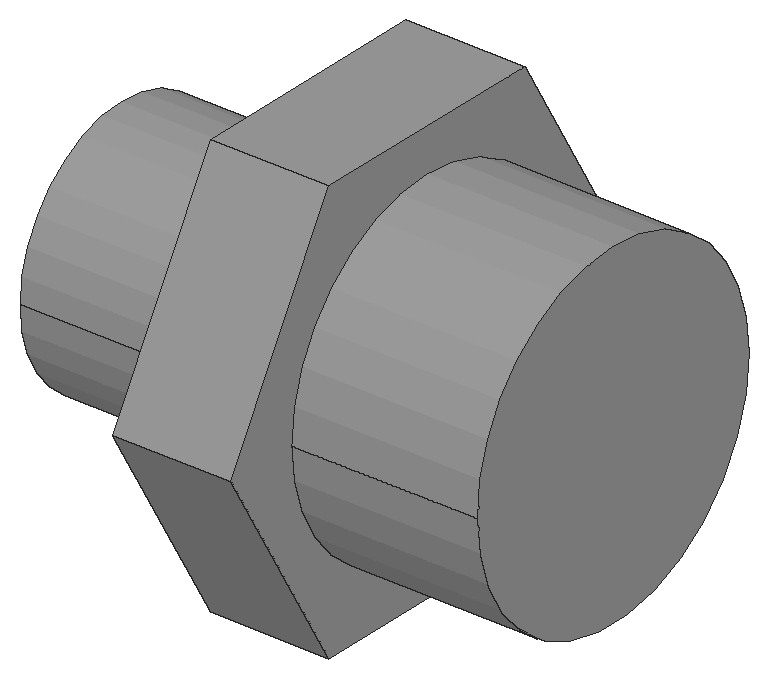
Revit family "Ниппель переходной для H-образного блока 3-4 Евроконус - R 1-2", category Соединительные детали трубопроводов, Revit 2020
Family settings
  Размер круглого соединителя = Использовать диаметр
  Тип детали = Переход
  На основе рабочей плоскости = Нет
  Всегда вертикально = Да
  При загрузке вырезать с полостями = Нет
  Общий = Нет
Parameters (values of type "3/4"E x 1/2“M O-ring")
  Default Elevation = 0 mm
  Description = ""
  Материал = Металл никелированный
  Assembly Code = ""
  Manufacturer = ""
  built-in parameter 1114212 [instance] = (empty or 0)
  i = G / sqrt(3)  # 14.434 mm
  WSR_D1 [instance] = 20.00 mm
  URL = "https://www.weser.ru/about/documentation/"
  G = 25 mm
  L2 = 7 mm
  L1 = 11 mm
  ADSK_Наименование краткое [instance] = "Ниппель"  # constant formula
  ADSK_Наименование = "Ниппель переходной для H-образного блока 3/4 Евроконус - R 1/2"
  ADSK_Масса [instance] = 0
  ADSK_Код изделия = "872020035"
  ADSK_Завод-изготовитель = "Weser"  # constant formula
  ADSK_Единица измерения = "шт."  # constant formula
  ADSK_Диаметр условный [instance] = 15 mm
  ADSK_Группирование [instance] = ""
  ADSK_URL страницы изделия = ""
  ADSK_URL документации изделия = ""
Types (2, lengths in mm): name | ADSK_Наименование | ADSK_Код изделия
  3/4"E x 1/2“M O-ring | "Ниппель переходной для H-образного блока 3/4 Евроконус - R 1/2" | "872020035"
  3/4" (плоское упл.) x 1/2“M O-ring | "Ниппель переходной для H-образного блока 3/4 Пл.- R 1/2" | "872020036"
Reference planes
  plane 1 "По центру (Вперед/Назад)": y = 0
  plane 2: z = 0
  plane 3 "По центру (Влево/Вправо)": x = 0
  plane 4: x = -14.5
  plane 5: x = 3.5
  plane 6: x = -3.5
  plane 7: x = 14.5
Forms (mm)
  Extrusion 1, solid, material "Металл никелированный" <- "Материал", detail levels fine
    sketch origin (0, 0, 0) x (0, 1, 0) y (0, 0, 1)
      loop
        circle (0, 0) r 7.5
    from -3.5 to -14.5
  Extrusion 2, solid, material "Металл никелированный" <- "Материал", detail levels fine
    sketch origin (3.5, 7.19, 1200) x (0, 1, 0) y (0, 0, 1)
      loop
        circle (-7.19, -1200) r 10
    from 0 to 11
  Sweep 3, solid, material "Металл никелированный" <- "Материал", detail levels fine
    path origin (0, 0, 0) x (1, 0, 0) y (0, 1, 0)
      loop
        line (-3.5, 0) -> (3.5, 0)
    profile origin (0, 0, 0) x (0, 1, 0) y (0, 0, 1)
      loop
        line (-7.217, 12.5) -> (-14.434, 0) -> (-7.217, -12.5) -> (7.217, -12.5) -> (14.434, 0) -> (7.217, 12.5) -> (-7.217, 12.5)
Lines and regions (mm)
  model lines, detail levels coarse+medium
    curve 1: line (-14.5, 0, 0) -> (14.5, 0, 0)
Dimensions and locks
  "L2": plane 6 to plane 5
  equal spacing: plane 6, plane 3 "По центру (Влево/Вправо)", plane 5
  "L1": plane 5 to plane 7
  equal spacing: Sweep 3 sketch curve, profile plane, Sweep 3 sketch curve  (x2)
  "i": Sweep 3 sketch curve to Sweep 3 sketch curve  (x6)
  "G": Sweep 3 sketch curve to Sweep 3 sketch curve  (x3)
  "L1": plane 4 to plane 6
  "ADSK_Диаметр условный": diameter of Extrusion 1 sketch curve
  "WSR_D1": diameter of Extrusion 2 sketch curve
  aligned and locked: level to plane 2
  aligned and locked: Extrusion 1 to plane 4
  aligned and locked: plane 6 to Extrusion 1
  aligned and locked: Extrusion 2 to plane 7
  aligned and locked: Extrusion 2 to plane 5
  aligned and locked: plane 6 to Sweep 3 sketch curve
  aligned and locked: plane 5 to Sweep 3 sketch curve
  aligned and locked: plane 1 "По центру (Вперед/Назад)" to Sweep 3 sketch curve
Automatic sketch dimensions
  plane 1 "По центру (Вперед/Назад)" to curve 1 = 0 mm
  curve 1 to plane 4 = 0 mm
  curve 1 to plane 7 = 0 mm
  Extrusion 1 sketch curve to level = 0 mm
  Extrusion 1 sketch curve to plane 1 "По центру (Вперед/Назад)" = 0 mm
  Extrusion 2 sketch curve to level = 0 mm
  Extrusion 2 sketch curve to plane 1 "По центру (Вперед/Назад)" = 0 mm
Connectors
  piping at (-3.5, 0, 0), diameter 15, driven by "ADSK_Диаметр условный"
    settings: on plane 6, index 1, connector inside diameter 609.6 mm, connector length 0 mm, flow factor 0, pipe flow 0.0 L/s, pressure drop 0.0 Pa, fitting loss kfactor 0, connector angle 0.00°, fixture units 0, engagement length 0 mm, angle of deflection 0.00°, flow configuration 0, flow direction 0, fitting loss method 0, system type 28, joint type 0, gender type 0, connector reference index 2, connector utility 0, adjustable connector no, is connector primary yes, connector description ""
  piping at (3.5, 0, 0), diameter 20, driven by "WSR_D1"
    settings: on Sweep 3, index 2, connector inside diameter 609.6 mm, connector length 0 mm, flow factor 0, pipe flow 0.0 L/s, pressure drop 0.0 Pa, fitting loss kfactor 0, connector angle 0.00°, fixture units 0, engagement length 0 mm, angle of deflection 0.00°, flow configuration 0, flow direction 0, fitting loss method 0, system type 28, joint type 0, gender type 0, connector reference index 1, connector utility 0, adjustable connector no, is connector primary no, connector description ""
